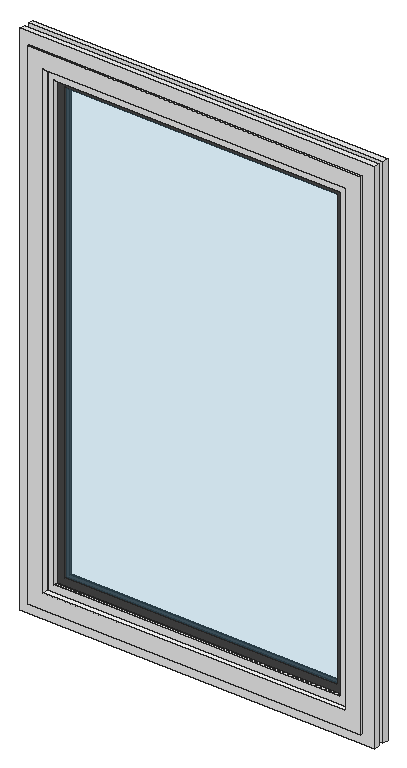
Revit family "Window_System_Solutions-NanaWall-SL-48_Tilt_Turn_Window", category Windows, host Wall, Revit 2013
Parameters (values of type "Tilt Turn Open")
  Width = 36"
  Warranty URL = "http://www.nanawall.com/support/warranty"
  URL = "http://www.nanawall.com"
  Subcategory = "Window"  # constant formula
  Sash = Metal - NanaWall - Aluminum
  Rough Width = Width - 1 25/64"  # 34 39/64"
  Rough Height = Height - 1 25/64"  # 52 39/64"
  Product Page URL = "http://www.nanawall.com/products/sl45/matching-windows"
  Product Documentation Link = "http://www.nanawall.com/cad/configuration/details?id=20&name=SL48&typ=match&cid=452&key=Tilt%20Turn%20Window"
  NanaWall Configurator = "http://www.nanawall.com/content/select-wizard"
  Model = "SL-48 Tilt Turn Window"  # constant formula
  Material = ""
  Manufacturer Toll Free Phone = "(888) 411-NANA(6262)"  # constant formula
  Manufacturer Phone = "(415) 383-3148"  # constant formula
  Manufacturer Fax = "(415) 383-0312"  # constant formula
  Manufacturer Email = "mailto:info@nanawall.com"
  Manufacturer Address = "100 Meadowcreek Drive #250, Corte Madera, CA 94925"  # constant formula
  Manufacturer = "NanaWall Systems, Inc."  # constant formula
  Installation and Service URL = "http://www.nanawall.com/support/installer"
  Height = 54"
  Glazing Options = "http://www.nanawall.com/products/sl48/glazing"
  Glass Material = Glass - NanaWall - Generic
  Filler = Rubber - NanaWall - Black
  Exterior Wall Offset = 3"
  Disclaimer = "Please note that the Revit model is for schematic purposes only.  To obtain a detailed 3D model, please go to the NanaWall's configurator at www.nanawall.com."  # constant formula
  Description = "Monumental Aluminum Framed Matching Windows and Doors"  # constant formula
  Wall Closure = By host
  Default Sill Height = 30"
  Assembly Code = ""
  95 CSI = "8411"  # constant formula
  04 CSI = "08 52 00"  # constant formula
Reference planes (in)
  plane 1 "Center (Front/Back)": y = 0
  plane 2: z = 0
  plane 3 "Center (Left/Right)": x = 0
  plane 4 "Left": x = -18
  plane 5 "Right": x = 18
  plane 6 "Sill": z = 30
  plane 7 "Top": z = 84
  plane 8: y = 1.125
  plane 9: y = 2
  plane 10: x = -15.90278
  plane 11: x = 15.90278
  plane 12: x = -19.12778
  plane 13: x = 19.12778
  plane 14: z = 85.12778
  plane 15: z = 28.87222
Forms (in)
  Sweep 1, solid, material "Metal - NanaWall - Aluminum" <- "Sash"
    path origin (18, 2, 48) x (1, 0, 0) y (0, 0, 1)
      loop
        line (-36, 36) -> (-36, -18) -> (0, -18) -> (0, 36) -> (-36, 36)
    profile "Frame : Frame" origin (0, 2, 84) x (0, 0, 1) y (0, -1, 0)
      loop
        line (1.12778, -0.875) -> (1.12778, -0.25278) -> (0.75056, -0.25278) -> (0.75056, 0.25278) -> (1.12778, 0.25278) -> (1.12778, 0.875) -> (-0.23333, 0.875) -> (-0.23333, -0.68056) -> (-0.85556, -0.68056) -> (-0.85556, 0.02722) -> (-0.68056, 0.02722) -> (-0.68056, 1.10833) -> (0, 1.10833) -> (0, 1.26389) -> (-1.65278, 1.26389) -> (-1.83412, 0.875) -> (-2.54722, 0.875) -> (-2.54722, 0.48611) -> (-2.21667, 0.48611) -> (-2.21667, 0.64167) -> (-2.48111, 0.64167) -> (-2.48111, 0.79722) -> (-1.83413, 0.79722) -> (-1.75078, 0.34077) -> (-1.84722, 0.31493) -> (-1.84722, -0.23333) -> (-1.78889, -0.23333) -> (-1.78889, -0.15556) -> (-1.65278, -0.15556) -> (-1.65278, -0.79722) -> (-1.76944, -0.79722) -> (-1.78889, -0.7) -> (-1.78889, -0.58333) -> (-1.84722, -0.58333) -> (-1.84722, -0.68056) -> (-2.54722, -0.68056) -> (-2.54722, -0.875) -> (-1.26389, -0.875) -> (-1.26389, -0.79722) -> (-1.55556, -0.79722) -> (-1.55556, -0.525) -> (-0.93333, -0.525) -> (-0.93333, -0.875) -> (1.12778, -0.875)
  Extrusion 2, void
    sketch origin (0, 0, 0) x (1, 0, 0) y (0, 0, 1)
      loop
        line (-19.12778, 85.12778) -> (-19.12778, 28.87222) -> (19.12778, 28.87222) -> (19.12778, 85.12778) -> (-19.12778, 85.12778)
    from -5 to 5
  Sweep 3, solid, material "Rubber - NanaWall - Black" <- "Filler"
    path origin (18, 2, 48) x (1, 0, 0) y (0, 0, 1)
      loop
        line (-36, 36) -> (-36, -18) -> (0, -18) -> (0, 36) -> (-36, 36)
    profile origin (0, 2, 84) x (0, 0, 1) y (0, -1, 0)
      loop
        line (-1.84722, -0.50347) -> (-1.84722, 0.30903) -> (-3.22222, 0.30903) -> (-3.22222, 0.15278) -> (-2.09722, 0.15278) -> (-2.09722, -0.34722) -> (-3.22222, -0.34722) -> (-3.22222, -0.50347) -> (-1.84722, -0.50347)
  Extrusion 4, solid, material "Glass - NanaWall - Generic" <- "Glass Material"
    sketch origin (-18, 0, 0) x (0, -1, 0) y (0, 0, 1)
      loop
        line (-2.34722, 81.90278) -> (-2.34722, 32.09722) -> (-1.84722, 32.09722) -> (-1.84722, 81.90278) -> (-2.34722, 81.90278)
    from -33.90278 to -2.09722
Lines and regions (in)
  Masking region 1
    outline origin (0, 0, 0) x (1, 0, 0) y (0, 1, 0)
      loop
        line (-19.12778, 1.125) -> (-18, 1.125) -> (-18, 0.73611) -> (18, 0.73611) -> (18, 1.125) -> (19.12778, 1.125) -> (19.12778, 1.74722) -> (18.75056, 1.74722) -> (18.75056, 2.25278) -> (19.12778, 2.25278) -> (19.12778, 2.875) -> (-19.12778, 2.875) -> (-19.12778, 2.25278) -> (-18.75056, 2.25278) -> (-18.75056, 1.74722) -> (-19.12778, 1.74722) -> (-19.12778, 1.125)
  Masking region 2
    outline origin (0, 2.9375, 0) x (1, 0, 0) y (0, 1, 0)
      loop
        line (-16.15278, -1.24653) -> (16.15278, -1.24653) -> (16.15278, -0.43403) -> (-16.15278, -0.43403) -> (-16.15278, -1.24653)
  Masking region 3, detail levels medium+fine
    outline origin (0, 0, 0) x (1, 0, 0) y (0, 1, 0)
      loop
        line (-15.90278, 2.34722) -> (-15.90278, 1.84722) -> (15.90278, 1.84722) -> (15.90278, 2.34722) -> (-15.90278, 2.34722)
  symbolic lines, detail levels coarse+medium
    curve 1: line (-16.15278, 0.73611, 0) -> (-16.15278, 2.875, 0)
    curve 2: line (16.15278, 0.73611, 0) -> (16.15278, 2.875, 0)
  symbolic lines, detail levels fine
    curve 3: line (-15.45278, 1.125, 0) -> (15.45278, 1.125, 0)
Text (in)
  text "EXTERIOR" at (-58.6888, 50.90694, 0), in view "Ref. Level"
  text "INTERIOR" at (-58.6888, -37.76638, 0), in view "Ref. Level"
  text "Exterior" at (0, 43.65631, 123.19604), in view "Left"
  text "Exterior" at (0, 18.29385, 125.04747), in view "Right"
Dimensions and locks (in)
  equal spacing: plane 4 "Left", plane 3 "Center (Left/Right)", plane 5 "Right"
  "Width": plane 4 "Left" to plane 5 "Right"
  "Height": plane 6 "Sill" to plane 7 "Top"
  "Default Sill Height": plane 2 to plane 6 "Sill"
  locked: plane 8 to plane 9 at 0.875
  Sweep 3 sketch curve to Sweep 3 sketch curve to Sweep 3 sketch curve to Sweep 3 sketch curve to plane 7 "Top" = 0" locked, 1 1/8" locked, 1/4" locked, 1.84722" locked
  Sweep 3 sketch curve to Sweep 3 sketch curve to plane 9 to Sweep 3 sketch curve to Sweep 3 sketch curve = 5/32" locked, 0.34722" locked, 0.15278" locked, 5/32" locked
  locked: plane 6 "Sill" to Extrusion 4 sketch curve at 2.09722
  Extrusion 4 sketch curve to plane 9 to Extrusion 4 sketch curve = 0.34722" locked, 0.15278" locked
  locked: plane 4 "Left" to plane 10 at 2.09722
  locked: plane 11 to plane 5 "Right" at 2.09722
  Masking region 3 sketch curve to plane 9 to Masking region 3 sketch curve = 0.15278" locked, 0.34722" locked
  locked: Masking region 2 sketch curve to plane 10 at 0.25
  locked: plane 11 to Masking region 2 sketch curve at 0.25
  Masking region 2 sketch curve to plane 9 to Masking region 2 sketch curve = 0.30903" locked, 0.50347" locked
  "Exterior Wall Offset": plane 9 to host wall
  locked: Extrusion 4 sketch curve to plane 7 "Top" at 2.09722
  Masking region 1 sketch curve to Masking region 1 sketch curve to Masking region 1 sketch curve to plane 4 "Left" = 0" locked, 0.37722" locked, 0.75056" locked
  plane 5 "Right" to Masking region 1 sketch curve to Masking region 1 sketch curve to Masking region 1 sketch curve = 0.75056" locked, 0.37722" locked, 0" locked
  Masking region 1 sketch curve to Masking region 1 sketch curve to Masking region 1 sketch curve to plane 9 to Masking region 1 sketch curve to Masking region 1 sketch curve = 0.38889" locked, 0.62222" locked, 0.25278" locked, 0.25278" locked, 0.62222" locked
  Masking region 1 sketch curve to Masking region 1 sketch curve to plane 9 to Masking region 1 sketch curve = 0.62222" locked, 0.25278" locked, 0.25278" locked
  locked: plane 12 to plane 4 "Left" at 1.12778
  locked: plane 5 "Right" to plane 13 at 1.12778
  locked: plane 15 to plane 6 "Sill" at 1.12778
  locked: plane 7 "Top" to plane 14 at 1.12778
  aligned and locked: level to plane 2
  aligned and locked: plane 7 "Top" to Sweep 1 sketch curve
  aligned and locked: plane 5 "Right" to Sweep 1 sketch curve
  aligned and locked: Sweep 1 sketch curve to plane 4 "Left"
  aligned and locked: Sweep 1 sketch curve to plane 6 "Sill"
  aligned and locked: host wall to Extrusion 2  (x2)
  aligned and locked: plane 7 "Top" to nested 1
  aligned and locked: plane 9 to nested 1
  aligned and locked: plane 4 "Left" to nested 2
  aligned and locked: plane 5 "Right" to nested 3
  aligned and locked: nested 4 to plane 9
  aligned and locked: plane 6 "Sill" to nested 4
  aligned and locked: plane 7 "Top" to Sweep 3 sketch curve
  aligned and locked: Sweep 3 sketch curve to plane 4 "Left"
  aligned and locked: Sweep 3 sketch curve to Sweep 1  (x2)
  aligned and locked: plane 10 to Extrusion 4
  aligned and locked: plane 11 to Extrusion 4
  aligned and locked: Masking region 1 sketch curve to plane 4 "Left"
  aligned and locked: Masking region 3 sketch curve to Sweep 3  (x2)
  aligned and locked: plane 9 to nested 3
  aligned and locked: nested 2 to plane 9
  aligned and locked: plane 12 to Extrusion 2 sketch curve
  aligned and locked: Extrusion 2 sketch curve to plane 13
  aligned and locked: Extrusion 2 sketch curve to plane 15
  aligned and locked: Extrusion 2 sketch curve to plane 14
Automatic sketch dimensions
  Masking region 1 sketch curve to plane 5 "Right" = 0"
  plane 8 to curve 3 = 0"
  plane 10 to curve 1 = 1/4"
  curve 3 to plane 10 = 0.45"
  curve 3 to plane 11 = 0.45"
  plane 11 to curve 2 = 1/4"
  plane 8 to curve 1 = 0.38889"
  plane 8 to curve 2 = 0.38889"
  curve 2 to plane 9 = 7/8"
  curve 1 to plane 9 = 7/8"
Nested families (in)
  nested 1: "SL 48 Tilt Turn Detail" at (-18, 2, 84) x (0, -1, 0) z (-1, 0, 0), type "SL 48 Tilt Turn Detail", detail levels fine
  nested 2: "SL 48 Tilt Turn Detail" at (-18, 2, 0) x (0, -1, 0) z (0, 0, 1), type "SL 48 Tilt Turn Detail", detail levels fine
  nested 3: "SL 48 Tilt Turn Detail" at (18, 2, 0) x (0, -1, 0) z (0, 0, 1), type "SL 48 Tilt Turn Detail"
  nested 4: "SL 48 Tilt Turn Detail" at (-18, 2, 30) x (0, -1, 0) z (-1, 0, 0), type "SL 48 Tilt Turn Detail", detail levels fine
Definition of nested family "SL 48 Tilt Turn Detail"
  Reference planes (in)
    plane 1 "Center (Front/Back)": y = 0
    plane 2: z = 0
    plane 3 "Center (Left/Right)": x = 0
  Lines and regions (in)
    detail lines, in view "Ref. Level", detail levels fine
      curve 1: line (-0.69619, 1.12778, 0) -> (-0.875, 1.12778, 0)
      curve 2: line (-0.875, 1.12778, 0) -> (-0.875, -0.93333, 0)
      curve 3: line (-0.68056, 1.06944, 0) -> (-0.69619, 1.12778, 0)
      curve 4: line (-0.805, 1.06944, 0) -> (-0.68056, 1.06944, 0)
      curve 5: line (-0.805, 0.93722, 0) -> (-0.805, 1.06944, 0)
      curve 6: line (-0.31111, 0.93722, 0) -> (-0.805, 0.93722, 0)
      curve 7: line (-0.31111, 1.06944, 0) -> (-0.31111, 0.93722, 0)
      curve 8: line (-0.38889, 1.06944, 0) -> (-0.31111, 1.06944, 0)
      curve 9: line (-0.37326, 1.12778, 0) -> (-0.38889, 1.06944, 0)
      curve 10: line (-0.25278, 1.12778, 0) -> (-0.37326, 1.12778, 0)
      curve 11: line (-0.25278, 1.12778, 0) -> (-0.25278, 0.75056, 0)
      curve 12: line (0.25278, 0.75056, 0) -> (-0.25278, 0.75056, 0)
      curve 13: line (0.25278, 1.12778, 0) -> (0.25278, 0.75056, 0)
      curve 14: line (0.25278, 1.12778, 0) -> (0.37326, 1.12778, 0)
      curve 15: line (0.37326, 1.12778, 0) -> (0.38889, 1.06944, 0)
      curve 16: line (0.38889, 1.06944, 0) -> (0.31111, 1.06944, 0)
      curve 17: line (0.31111, 1.06944, 0) -> (0.31111, 0.93722, 0)
      curve 18: line (0.31111, 0.93722, 0) -> (0.805, 0.93722, 0)
      curve 19: line (0.805, 1.06944, 0) -> (0.805, 0.93722, 0)
      curve 20: line (0.68056, 1.06944, 0) -> (0.805, 1.06944, 0)
      curve 21: line (0.69619, 1.12778, 0) -> (0.68056, 1.06944, 0)
      curve 22: line (0.875, 1.12778, 0) -> (0.69619, 1.12778, 0)
      curve 23: line (0.875, -0.23333, 0) -> (0.875, 1.12778, 0)
      curve 24: line (0.805, 0.74278, 0) -> (0.805, 0.87111, 0)
      curve 25: line (0.805, 0.87111, 0) -> (0.31889, 0.87111, 0)
      curve 26: line (0.31889, 0.87111, 0) -> (0.31889, 0.68444, 0)
      curve 27: line (-0.31889, 0.68444, 0) -> (0.31889, 0.68444, 0)
      curve 28: line (-0.31889, 0.87111, 0) -> (-0.31889, 0.68444, 0)
      curve 29: line (-0.805, 0.87111, 0) -> (-0.31889, 0.87111, 0)
      curve 30: line (-0.805, 0.74278, 0) -> (-0.805, 0.87111, 0)
      curve 31: line (-0.79722, 0.68444, 0) -> (-0.71944, 0.68444, 0)
      curve 32: line (-0.71944, 0.74278, 0) -> (-0.805, 0.74278, 0)
      curve 33: line (-0.79722, 0.02722, 0) -> (-0.79722, 0.68444, 0)
      curve 34: line (0.00794, 0.02722, 0) -> (-0.79722, 0.02722, 0)
      curve 35: line (0.18667, -0.1515, 0) -> (0.00794, 0.02722, 0)
      curve 36: arc (0.26444, 0.02722, 0) -> (0.20945, 0.00444, 0) -> (0.18667, -0.05056, 0) r 0.07778
      curve 37: line (0.18667, -0.05056, 0) -> (0.18667, -0.1515, 0)
      curve 38: line (0.26444, 0.02722, 0) -> (0.79722, 0.02722, 0)
      curve 39: line (0.79722, 0.02722, 0) -> (0.79722, 0.68444, 0)
      curve 40: line (0.71944, 0.74278, 0) -> (0.805, 0.74278, 0)
      curve 41: line (0.79722, 0.68444, 0) -> (0.71944, 0.68444, 0)
      curve 42: line (0.71944, -0.175, 0) -> (0.73507, -0.23333, 0)
      curve 43: line (0.73507, -0.23333, 0) -> (0.875, -0.23333, 0)
      curve 44: line (0.79722, -0.175, 0) -> (0.71944, -0.175, 0)
      curve 45: line (0.79722, -0.03889, 0) -> (0.79722, -0.175, 0)
      curve 46: line (0.25278, -0.03889, 0) -> (0.79722, -0.03889, 0)
      curve 47: line (0.25278, -0.175, 0) -> (0.25278, -0.03889, 0)
      curve 48: line (0.31493, -0.23333, 0) -> (0.33056, -0.175, 0)
      curve 49: line (0.33056, -0.175, 0) -> (0.25278, -0.175, 0)
      curve 50: line (0.03896, -0.23333, 0) -> (0.31493, -0.23333, 0)
      curve 51: line (0.02333, -0.175, 0) -> (0.03896, -0.23333, 0)
      curve 52: line (0.11667, -0.175, 0) -> (0.02333, -0.175, 0)
      curve 53: line (-0.01944, -0.03889, 0) -> (0.11667, -0.175, 0)
      curve 54: line (-0.38889, -0.03889, 0) -> (-0.01944, -0.03889, 0)
      curve 55: line (-0.38889, -0.175, 0) -> (-0.38889, -0.03889, 0)
      curve 56: line (-0.33056, -0.175, 0) -> (-0.38889, -0.175, 0)
      curve 57: line (-0.34619, -0.23333, 0) -> (-0.33056, -0.175, 0)
      curve 58: line (-0.42335, -0.23333, 0) -> (-0.34619, -0.23333, 0)
      curve 59: line (-0.44722, -0.03889, 0) -> (-0.42335, -0.23333, 0)
      curve 60: line (-0.79722, -0.03889, 0) -> (-0.44722, -0.03889, 0)
      curve 61: line (-0.79722, -0.15556, 0) -> (-0.79722, -0.03889, 0)
      curve 62: line (-0.7, -0.175, 0) -> (-0.79722, -0.15556, 0)
      curve 63: line (-0.58333, -0.175, 0) -> (-0.7, -0.175, 0)
      curve 64: line (-0.58333, -0.175, 0) -> (-0.58333, -0.23333, 0)
      curve 65: line (-0.58333, -0.23333, 0) -> (-0.79722, -0.23333, 0)
      curve 66: line (-0.79722, -0.23333, 0) -> (-0.79722, -0.57556, 0)
      curve 67: line (-0.71167, -0.57556, 0) -> (-0.79722, -0.57556, 0)
      curve 68: line (-0.71167, -0.49778, 0) -> (-0.71167, -0.57556, 0)
      curve 69: line (-0.68056, -0.49778, 0) -> (-0.71167, -0.49778, 0)
      curve 70: line (-0.68056, -0.68056, 0) -> (-0.68056, -0.49778, 0)
      curve 71: line (-0.71944, -0.68056, 0) -> (-0.68056, -0.68056, 0)
      curve 72: line (-0.71944, -0.63389, 0) -> (-0.71944, -0.68056, 0)
      curve 73: line (-0.79722, -0.63389, 0) -> (-0.71944, -0.63389, 0)
      curve 74: line (-0.79722, -0.85556, 0) -> (-0.79722, -0.63389, 0)
      curve 75: line (-0.875, -0.93333, 0) -> (-0.525, -0.93333, 0)
      curve 76: line (-0.79722, -0.85556, 0) -> (0.02722, -0.85556, 0)
      curve 77: line (0.02722, -0.85556, 0) -> (0.02722, -0.68056, 0)
      curve 78: line (0.02722, -0.68056, 0) -> (0.19444, -0.68056, 0)
      curve 79: line (0.19444, -0.68056, 0) -> (0.19444, -0.73889, 0)
      curve 80: line (0.19444, -0.73889, 0) -> (0.09722, -0.73889, 0)
      curve 81: line (0.09722, -0.73889, 0) -> (0.09722, -0.85556, 0)
      curve 82: line (0.09722, -0.85556, 0) -> (0.875, -0.85556, 0)
      curve 83: line (1.19389, -0.92556, 0) -> (-0.455, -0.92556, 0)
      curve 84: line (0.875, -0.85556, 0) -> (0.875, -0.73889, 0)
      curve 85: line (0.875, -0.73889, 0) -> (0.77778, -0.73889, 0)
      curve 86: line (0.77778, -0.73889, 0) -> (0.77778, -0.68056, 0)
      curve 87: line (0.77778, -0.68056, 0) -> (0.945, -0.68056, 0)
      curve 88: line (0.945, -0.85556, 0) -> (0.945, -0.68056, 0)
      curve 89: line (1.19389, -0.85556, 0) -> (0.945, -0.85556, 0)
      curve 90: line (1.19389, -0.29167, 0) -> (1.19389, -0.85556, 0)
      curve 91: line (1.10833, -0.29167, 0) -> (1.19389, -0.29167, 0)
      curve 92: line (1.10833, -0.21, 0) -> (1.10833, -0.29167, 0)
      curve 93: line (1.14722, -0.21, 0) -> (1.10833, -0.21, 0)
      curve 94: line (1.14722, -0.25278, 0) -> (1.14722, -0.21, 0)
      curve 95: line (1.20556, -0.25278, 0) -> (1.14722, -0.25278, 0)
      curve 96: line (1.20556, -0.04667, 0) -> (1.20556, -0.25278, 0)
      curve 97: line (1.14722, -0.04667, 0) -> (1.20556, -0.04667, 0)
      curve 98: line (1.14722, -0.08944, 0) -> (1.14722, -0.04667, 0)
      curve 99: line (1.10833, -0.08944, 0) -> (1.14722, -0.08944, 0)
      curve 100: line (1.10833, 0, 0) -> (1.10833, -0.08944, 0)
      curve 101: line (1.26389, 0, 0) -> (1.10833, 0, 0)
      curve 102: line (1.26389, -1.56607, 0) -> (1.26389, 0, 0)
      curve 103: line (-0.455, -0.92556, 0) -> (-0.455, -1.58278, 0)
      curve 104: line (-0.455, -1.58278, 0) -> (-0.09722, -1.58278, 0)
      curve 105: line (-0.79722, -1.55556, 0) -> (-0.525, -1.55556, 0)
      curve 106: line (-0.525, -1.55556, 0) -> (-0.525, -0.93333, 0)
      curve 107: line (-0.79722, -1.26389, 0) -> (-0.79722, -1.55556, 0)
      curve 108: line (-0.875, -2.54722, 0) -> (-0.875, -1.26389, 0)
      curve 109: line (-0.875, -1.26389, 0) -> (-0.79722, -1.26389, 0)
      curve 110: line (-0.68056, -2.54722, 0) -> (-0.875, -2.54722, 0)
      curve 111: line (-0.68056, -2.45, 0) -> (-0.68056, -2.54722, 0)
      curve 112: line (-0.71944, -2.45, 0) -> (-0.68056, -2.45, 0)
      curve 113: line (-0.71944, -2.49667, 0) -> (-0.71944, -2.45, 0)
      curve 114: line (-0.79722, -2.49667, 0) -> (-0.71944, -2.49667, 0)
      curve 115: line (-0.79722, -2.24778, 0) -> (-0.79722, -2.49667, 0)
      curve 116: line (-0.71944, -2.24778, 0) -> (-0.79722, -2.24778, 0)
      curve 117: line (-0.71944, -2.29444, 0) -> (-0.71944, -2.24778, 0)
      curve 118: line (-0.68056, -2.29444, 0) -> (-0.71944, -2.29444, 0)
      curve 119: line (-0.68056, -2.11167, 0) -> (-0.68056, -2.29444, 0)
      curve 120: line (-0.71167, -2.18944, 0) -> (-0.71167, -2.11167, 0)
      curve 121: line (-0.71167, -2.11167, 0) -> (-0.68056, -2.11167, 0)
      curve 122: line (-0.79722, -2.18944, 0) -> (-0.71167, -2.18944, 0)
      curve 123: line (-0.79722, -1.84722, 0) -> (-0.79722, -2.18944, 0)
      curve 124: line (-0.58333, -1.84722, 0) -> (-0.79722, -1.84722, 0)
      curve 125: line (-0.58333, -1.78889, 0) -> (-0.58333, -1.84722, 0)
      curve 126: line (-0.58333, -1.78889, 0) -> (-0.7, -1.78889, 0)
      curve 127: line (-0.7, -1.78889, 0) -> (-0.79722, -1.76944, 0)
      curve 128: line (-0.79722, -1.76944, 0) -> (-0.79722, -1.65278, 0)
      curve 129: line (-0.15556, -1.65278, 0) -> (-0.79722, -1.65278, 0)
      curve 130: line (-0.15556, -1.78889, 0) -> (-0.15556, -1.65278, 0)
      curve 131: line (-0.23333, -1.78889, 0) -> (-0.15556, -1.78889, 0)
      curve 132: line (-0.23333, -1.84722, 0) -> (-0.23333, -1.78889, 0)
      curve 133: line (0.31493, -1.84722, 0) -> (-0.23333, -1.84722, 0)
      curve 134: line (0.34077, -1.75078, 0) -> (0.31493, -1.84722, 0)
      curve 135: line (0.34077, -1.75078, 0) -> (0.62268, -1.80226, 0)
      curve 136: line (0.28865, -1.68592, 0) -> (0.25278, -1.78889, 0)
      curve 137: line (0.25278, -1.65278, 0) -> (0.25278, -1.78889, 0)
      curve 138: line (0.79722, -1.65278, 0) -> (0.25278, -1.65278, 0)
      curve 139: line (0.79722, -1.77878, 0) -> (0.28865, -1.68592, 0)
      curve 140: line (0.79722, -1.77878, 0) -> (0.79722, -1.65278, 0)
      curve 141: line (0.875, -1.83412, 0) -> (1.1853, -1.68942, 0)
      curve 142: arc (1.1853, -1.68942, 0) -> (1.24257, -1.6392, 0) -> (1.26389, -1.56607, 0) r 0.13611
      curve 143: line (0.875, -2.54722, 0) -> (0.875, -1.83412, 0)
      curve 144: line (0.48611, -2.54722, 0) -> (0.875, -2.54722, 0)
      curve 145: line (0.48611, -2.54722, 0) -> (0.48611, -2.45, 0)
      curve 146: line (0.48611, -2.45, 0) -> (0.525, -2.45, 0)
      curve 147: line (0.525, -2.48889, 0) -> (0.525, -2.45, 0)
      curve 148: line (0.60278, -2.48889, 0) -> (0.525, -2.48889, 0)
      curve 149: line (0.60278, -2.25556, 0) -> (0.60278, -2.48889, 0)
      curve 150: line (0.79722, -2.48111, 0) -> (0.64167, -2.48111, 0)
      curve 151: line (0.79722, -1.93667, 0) -> (0.79722, -2.48111, 0)
      curve 152: line (0.64167, -2.48111, 0) -> (0.64167, -2.21667, 0)
      curve 153: line (0.64167, -2.21667, 0) -> (0.525, -2.21667, 0)
      curve 154: arc (0.525, -2.21667, 0) -> (0.4975, -2.22806, 0) -> (0.48611, -2.25556, 0) r 0.03889
      curve 155: line (0.48611, -2.25556, 0) -> (0.60278, -2.25556, 0)
      curve 156: line (-0.09722, -1.58278, 0) -> (-0.09722, -1.78889, 0)
      curve 157: line (0.19444, -1.78889, 0) -> (-0.09722, -1.78889, 0)
      curve 158: line (0.19444, -1.78889, 0) -> (0.19444, -1.58278, 0)
      curve 159: line (0.19444, -1.58278, 0) -> (0.85556, -1.58278, 0)
      curve 160: line (0.85556, -1.58278, 0) -> (0.85556, -1.76595, 0)
      curve 161: line (0.85556, -1.76595, 0) -> (1.19389, -1.60818, 0)
      curve 162: line (1.19389, -1.60818, 0) -> (1.19389, -0.92556, 0)
      curve 163: arc (0.62268, -1.80226, 0) -> (0.62247, -1.89182, 0) -> (0.7, -1.93667, 0) r 0.08944
      curve 164: line (0.7, -1.93667, 0) -> (0.79722, -1.93667, 0)
      curve 165: line (-0.71944, 0.68444, 0) -> (-0.71944, 0.74278, 0)
      curve 166: line (0.71944, 0.68444, 0) -> (0.71944, 0.74278, 0)
